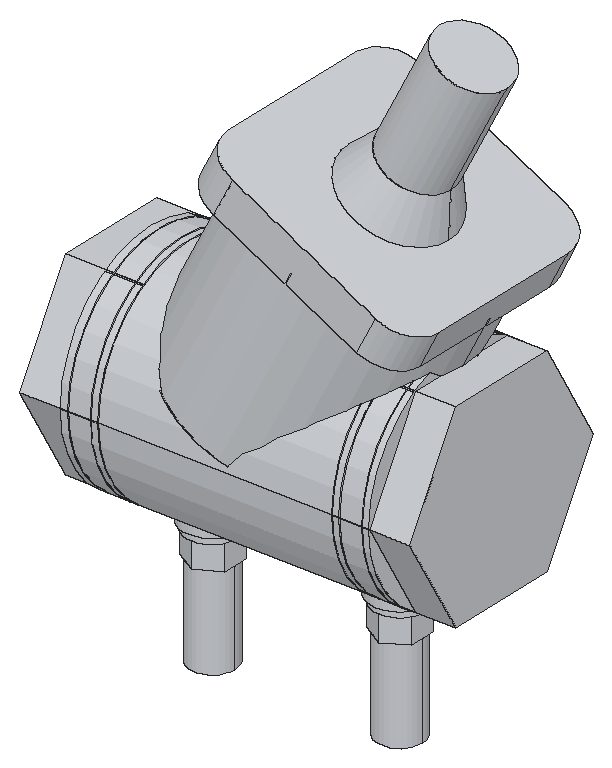
Revit family "Sigma_Compact_DN032_RFA_2018", category Pipe Accessories, Revit 2018
Family settings
  Round Connector Dimension = Use Diameter
  Part Type = Valve - Breaks Into
  Work Plane-Based = No
  Always vertical = Yes
  Cut with Voids When Loaded = No
  Shared = No
Parameters (values of type "Sigma Compact DN 32 s měřením")
  magiProductId = "7bc6b6dac0dd45edbe26d667b48f95"
  magiProductFamilyId = "3fdb776034814e15a56dcfd1ac03e4"
  magiPartTypeId = 304
  isMeasuringValve [instance] = no
  ang2D [instance] = 0.00°
  Z6 = 33 mm
  Z5 = 77 mm
  Z4 = 66 mm
  Z3 = 11 mm
  Z2 = 55 mm
  XR2 = 37.5 mm
  XR1 = 25.5 mm
  W2D = 32 mm
  VersionID = "2.0/2018.12.13.2/FRESE_SIGMA_PLUG_Q13_001"
  Use Minimum Symbol Size [instance] = no
  URL = "www.hydronix.cz"
  Type Comments = "závitový; vnitřní závit; PN25; max dp=400kPa; -10~+120°C; max uzavírací tlak 1MPa"
  R4 = 15 mm
  R3 = 10 mm
  R2 = 30.5 mm
  R1 = 31.5 mm
  QmdConnectorList = "301;D;302;D"
  Productdata [instance] = ""
  NL__ve = -NL  # -20.8 mm
  NL = 20.8 mm
  Manufacturer = "Hydronix"
  MC Use Limits From Balancing Method = no
  MC Throttling Minimum Value = 0
  MC Throttling Maximum Value = 0
  MC Product Code = "53-2206 DN32 FF s měřením; (200-5000 l/h); kvs=10,9"
  MC Pressure Drop Minimum Value = 0.0 Pa
  MC Pressure Drop Maximum Value = 0.0 Pa
  MC Piping Given Pressure Drop [instance] = 0.0 Pa
  M5 = 41.2 mm
  M4 = 39.2 mm
  M3 = 33.2 mm
  M2 = 31.2 mm
  LP = 52 mm
  LM = 62.4 mm
  LL__ve = -LL  # -6.8 mm
  LLT__ve = -LLT  # -22.6 mm
  LLT = 22.6 mm
  LLL = 11 mm
  LL3 = 52 mm
  LL2 = 43 mm
  LL = 6.8 mm
  L3 = 25 mm
  L2D_Min = 30.48 mm
  L2D = 82.4 mm
  Description = "Automatický vyvažovací ventil"
  DR1 = no
  DR0 = yes
  DL2 = 77 mm
  D = 32 mm
  CenSd_R2_6 = R2 * cos(30.00°)  # 26.414 mm
  CAT0 = yes
  C0D1 = no
  C0D0 = yes
Types (3, lengths in mm): name | magiProductId | Z6 | Z5 | Z4 | Z3 | Z2 | NL__ve | NL | MC Product Code | M5 | M4 | M3 | M2 | LP | LM | LL__ve | LLT__ve | LLT | LL3 | LL2 | LL | DL2 | D
  Sigma Compact DN 32 s měřením | "7bc6b6dac0dd45edbe26d667b48f95" | 33 | 77 | 66 | 11 | 55 | -20.8 | 20.8 | "53-2206 DN32 FF s měřením; (200-5000 l/h); kvs=10,9" | 41.2 | 39.2 | 33.2 | 31.2 | 52 | 62.4 | -6.8 | -22.6 | 22.6 | 52 | 43 | 6.8 | 77 | 32
  Sigma Compact DN 40 s měřením | "4e1b5a17d6804847bd559f7e701d18" | 39.3 | 91.7 | 78.6 | 13.1 | 65.5 | -27.6 | 27.6 | "53-2206 DN40 FF s měřením; (719-7400 l/h); kvs=18,0" | 51.4 | 49.4 | 43.4 | 41.4 | 69 | 82.8 | -7 | -24 | 24 | 54 | 45 | 7 | 79 | 40
  Sigma Compact DN 50 s měřením | "620459ae7aa94407adeea4e77bc07b" | 39.3 | 91.7 | 78.6 | 13.1 | 65.5 | -27.6 | 27.6 | "53-2207 DN50 FF s měřením; (900-10350 l/h); kvs=20,3" | 51.4 | 49.4 | 43.4 | 41.4 | 69 | 82.8 | -7.6 | -28.2 | 28.2 | 60 | 51 | 7.6 | 85 | 50
Reference planes
  plane 1 "Center (Front/Back)": y = 0
  plane 2 "XYPLANE": z = 0
  plane 3 "Center (Left/Right)": x = 0
  plane 4 "408": x = 52
  plane 5 "407": x = -52
  plane 6 "404": z = -45.2
  plane 7 "403": z = -52
  plane 8 "402": z = -77
  plane 9 "213": x = -25
  plane 10 "168": z = -18.6
  plane 11 "167": z = -20.6
  plane 12 "166": z = -27.4
  plane 13 "165": z = -34.2
  plane 14 "164": z = -36.2
  plane 15 "154": z = 0
  plane 16 "152": y = 0
  plane 17 "151": z = -43
  plane 18 "150": x = 25
  plane 19 "75": through (307.08, 0, 685.28) normal (0.891, 0, -0.454)
  plane 20 "74": x = 41.2
  plane 21 "73": x = 39.2
  plane 22 "72": x = 33.2
  plane 23 "71": x = 31.2
  plane 24 "70": x = -41.2
  plane 25 "69": x = -39.2
  plane 26 "68": x = -33.2
  plane 27 "67": y = 0
  plane 28 "66": through (-666.893, 0, 343.166) normal (0.454, 0, 0.891)
  plane 29 "65": x = -31.2
  plane 30 "64": through (335.147, 0, 670.979) normal (0.891, 0, -0.454)
  plane 31 "63": through (-643.285, 0, 389.498) normal (0.454, 0, 0.891)
  plane 32 "62": through (363.214, 0, 656.678) normal (0.891, 0, -0.454)
  plane 33 "61": y = 31.5
  plane 34 "60": y = -31.5
  plane 35 "59": through (-638.292, 0, 399.299) normal (0.454, 0, 0.891)
  plane 36 "58": through (-633.298, 0, 409.1) normal (0.454, 0, 0.891)
  plane 37 "56": x = 0
  plane 38 "55": through (-668.255, 0, 340.493) normal (0.454, 0, 0.891)
  plane 39 "102XY": through (-668.255, 0, 340.493) normal (0.454, 0, 0.891)
  plane 40 "102XZ": y = 0
  plane 41 "102YZ": through (340.493, 0, 668.255) normal (0.891, 0, -0.454)
Forms (mm)
  Extrusion 1, solid
    sketch origin (52, -750, 0) x (0, 1, 0) y (0, 0, 1)
      loop
        line (780.5, 0) -> (765.25, 26.414) -> (734.75, 26.414) -> (719.5, 0) -> (734.75, -26.414) -> (765.25, -26.414) -> (780.5, 0)
    from 0 to -20.8 <- "NL__ve"
  Extrusion 2, solid
    sketch origin (-52, -750, 0) x (0, 1, 0) y (0, 0, 1)
      loop
        line (719.5, 0) -> (734.75, -26.414) -> (765.25, -26.414) -> (780.5, 0) -> (765.25, 26.414) -> (734.75, 26.414) -> (719.5, 0)
    from 0 to 20.8 <- "NL"
  Extrusion 3, solid, visible <- "C0D1"
    sketch origin (-750, 0, -77) x (1, 0, 0) y (0, 1, 0)
      loop
        circle (725, 0) r 7
    from 0 to 50
  Extrusion 4, solid, visible <- "DR1"
    sketch origin (-750, 0, -45.2) x (1, 0, 0) y (0, 1, 0)
      loop
        line (725, -8) -> (731.928, -4) -> (731.928, 4) -> (725, 8) -> (718.072, 4) -> (718.072, -4) -> (725, -8)
    from 0 to -6.8 <- "LL__ve"
  Extrusion 5, solid, visible <- "DR1"
    sketch origin (-750, 0, -45.2) x (1, 0, 0) y (0, 1, 0)
      loop
        circle (725, 0) r 8
    from 0 to 11 <- "LLL"
  Extrusion 6, solid, visible <- "DR1"
    sketch origin (-750, 0, -34.2) x (1, 0, 0) y (0, 1, 0)
      loop
        circle (725, 0) r 9
    from 0 to 6.8 <- "LL"
  Extrusion 7, solid, visible <- "DR1"
    sketch origin (-750, 0, -27.4) x (1, 0, 0) y (0, 1, 0)
      loop
        circle (725, 0) r 10
    from 0 to 6.8 <- "LL"
  Blend 8, solid, visible <- "DR1"
    base sketch origin (-750, 0, -18.6) x (1, 0, 0) y (0, 1, 0)
      loop
        circle (725, 0) r 7.5
    top sketch origin (-750, 0, -18.6) x (1, 0, 0) y (0, 1, 0)
      loop
        circle (725, 0) r 10
    from 0 to -2
  Extrusion 9, solid, visible <- "DR1"
    sketch origin (-750, 0, 0) x (1, 0, 0) y (0, 1, 0)
      loop
        circle (725, 0) r 7.5
    from 0 to -22.6 <- "LLT__ve"
  Extrusion 10, solid, visible <- "C0D0"
    sketch origin (-750, 0, -43) x (1, 0, 0) y (0, 1, 0)
      loop
        circle (725, 0) r 6
    from 0 to -25
  Extrusion 11, solid, visible <- "DR0"
    sketch origin (-750, 0, -36.2) x (1, 0, 0) y (0, 1, 0)
      loop
        line (725, -7) -> (731.062, -3.5) -> (731.062, 3.5) -> (725, 7) -> (718.938, 3.5) -> (718.938, -3.5) -> (725, -7)
    from 0 to -6.8 <- "LL__ve"
  Extrusion 12, solid, visible <- "DR0"
    sketch origin (-750, 0, -36.2) x (1, 0, 0) y (0, 1, 0)
      loop
        circle (725, 0) r 7
    from 0 to 2
  Extrusion 13, solid, visible <- "DR0"
    sketch origin (-750, 0, -27.4) x (1, 0, 0) y (0, 1, 0)
      loop
        circle (725, 0) r 9
    from 0 to 6.8 <- "LL"
  Blend 14, solid, visible <- "DR0"
    base sketch origin (-750, 0, -18.6) x (1, 0, 0) y (0, 1, 0)
      loop
        circle (725, 0) r 6.5
    top sketch origin (-750, 0, -18.6) x (1, 0, 0) y (0, 1, 0)
      loop
        circle (725, 0) r 9
    from 0 to -2
  Extrusion 15, solid, visible <- "DR0"
    sketch origin (-750, 0, 0) x (1, 0, 0) y (0, 1, 0)
      loop
        circle (725, 0) r 6.5
    from 0 to -22.6 <- "LLT__ve"
  Extrusion 16, solid, visible <- "DR0"
    sketch origin (-750, 0, 0) x (1, 0, 0) y (0, 1, 0)
      loop
        circle (725, 0) r 6.5
    from 0 to -22.6 <- "LLT__ve"
  Blend 17, solid, visible <- "DR0"
    base sketch origin (-750, 0, -18.6) x (1, 0, 0) y (0, 1, 0)
      loop
        circle (725, 0) r 6.5
    top sketch origin (-750, 0, -18.6) x (1, 0, 0) y (0, 1, 0)
      loop
        circle (725, 0) r 9
    from 0 to -2
  Extrusion 18, solid, visible <- "DR0"
    sketch origin (-750, 0, -27.4) x (1, 0, 0) y (0, 1, 0)
      loop
        circle (725, 0) r 9
    from 0 to 6.8 <- "LL"
  Extrusion 19, solid, visible <- "DR0"
    sketch origin (-750, 0, -34.2) x (1, 0, 0) y (0, 1, 0)
      loop
        circle (725, 0) r 8
    from 0 to 6.8 <- "LL"
  Extrusion 20, solid, visible <- "DR0"
    sketch origin (-750, 0, -36.2) x (1, 0, 0) y (0, 1, 0)
      loop
        circle (725, 0) r 7
    from 0 to 2
  Extrusion 21, solid, visible <- "DR0"
    sketch origin (-750, 0, -36.2) x (1, 0, 0) y (0, 1, 0)
      loop
        line (725, -7) -> (731.062, -3.5) -> (731.062, 3.5) -> (725, 7) -> (718.938, 3.5) -> (718.938, -3.5) -> (725, -7)
    from 0 to -6.8 <- "LL__ve"
  Extrusion 22, solid, visible <- "C0D0"
    sketch origin (-750, 0, -43) x (1, 0, 0) y (0, 1, 0)
      loop
        circle (725, 0) r 6
    from 0 to -25
  Extrusion 23, solid, visible <- "CAT0"
    sketch origin (-750, 0, -43) x (1, 0, 0) y (0, 1, 0)
      loop
        circle (775, 0) r 6
    from 0 to -25
  Extrusion 24, solid
    sketch origin (-750, 0, -36.2) x (1, 0, 0) y (0, 1, 0)
      loop
        line (775, -7) -> (781.062, -3.5) -> (781.062, 3.5) -> (775, 7) -> (768.938, 3.5) -> (768.938, -3.5) -> (775, -7)
    from 0 to -6.8 <- "LL__ve"
  Extrusion 25, solid
    sketch origin (-750, 0, -36.2) x (1, 0, 0) y (0, 1, 0)
      loop
        circle (775, 0) r 7
    from 0 to 2
  Extrusion 26, solid
    sketch origin (-750, 0, -34.2) x (1, 0, 0) y (0, 1, 0)
      loop
        circle (775, 0) r 8
    from 0 to 6.8 <- "LL"
  Extrusion 27, solid
    sketch origin (-750, 0, -27.4) x (1, 0, 0) y (0, 1, 0)
      loop
        circle (775, 0) r 9
    from 0 to 6.8 <- "LL"
  Blend 28, solid
    base sketch origin (-750, 0, -18.6) x (1, 0, 0) y (0, 1, 0)
      loop
        circle (775, 0) r 6.5
    top sketch origin (-750, 0, -18.6) x (1, 0, 0) y (0, 1, 0)
      loop
        circle (775, 0) r 9
    from 0 to -2
  Extrusion 29, solid
    sketch origin (-750, 0, 0) x (1, 0, 0) y (0, 1, 0)
      loop
        circle (775, 0) r 6.5
    from 0 to -22.6 <- "LLT__ve"
  Blend 30, solid, visible <- "CAT0"
    base sketch origin (39.2, -750, 0) x (0, 1, 0) y (0, 0, 1)
      loop
        circle (750, 0) r 30.5
    top sketch origin (39.2, -750, 0) x (0, 1, 0) y (0, 0, 1)
      loop
        circle (750, 0) r 30.5
    from 0 to 2
  Extrusion 31, solid, visible <- "CAT0"
    sketch origin (33.2, -750, 0) x (0, 1, 0) y (0, 0, 1)
      loop
        circle (750, 0) r 30.5
    from 0 to 6
  Blend 32, solid, visible <- "CAT0"
    base sketch origin (31.2, -750, 0) x (0, 1, 0) y (0, 0, 1)
      loop
        circle (750, 0) r 30.5
    top sketch origin (31.2, -750, 0) x (0, 1, 0) y (0, 0, 1)
      loop
        circle (750, 0) r 30.5
    from 0 to 2
  Blend 33, solid, visible <- "CAT0"
    base sketch origin (-39.2, -750, 0) x (0, 1, 0) y (0, 0, 1)
      loop
        circle (750, 0) r 30.5
    top sketch origin (-39.2, -750, 0) x (0, 1, 0) y (0, 0, 1)
      loop
        circle (750, 0) r 30.5
    from 0 to -2
  Extrusion 34, solid, visible <- "CAT0"
    sketch origin (-39.2, -750, 0) x (0, 1, 0) y (0, 0, 1)
      loop
        circle (750, 0) r 30.5
    from 0 to 6
  Blend 35, solid, visible <- "CAT0"
    base sketch origin (-33.2, -750, 0) x (0, 1, 0) y (0, 0, 1)
      loop
        circle (750, 0) r 30.5
    top sketch origin (-33.2, -750, 0) x (0, 1, 0) y (0, 0, 1)
      loop
        circle (750, 0) r 30.5
    from 0 to 2
  Extrusion 36, solid, visible <- "CAT0"
    sketch origin (-31.2, -750, 0) x (0, 1, 0) y (0, 0, 1)
      loop
        circle (750, 0) r 30.5
    from 0 to 62.4 <- "LM"
  Extrusion 37, solid, visible <- "CAT0"
    sketch origin (-666.893, 0, 343.166) x (0.891007, 0, -0.45399) y (0, 1, 0)
      loop
        circle (744, 0) r 31.5
    from 0 to 55 <- "Z2"
  Extrusion 38, solid, visible <- "CAT0"
    sketch origin (-643.285, 0, 389.498) x (0.891007, 0, -0.45399) y (0, 1, 0)
      loop
        arc (722.5, 31.5) -> (715.429, 28.571) -> (712.5, 21.5) r 10
        line (712.5, 21.5) -> (712.5, -21.5)
        arc (712.5, -21.5) -> (715.429, -28.571) -> (722.5, -31.5) r 10
        line (722.5, -31.5) -> (765.5, -31.5)
        arc (765.5, -31.5) -> (772.571, -28.571) -> (775.5, -21.5) r 10
        line (775.5, -21.5) -> (775.5, 21.5)
        arc (775.5, 21.5) -> (772.571, 28.571) -> (765.5, 31.5) r 10
        line (765.5, 31.5) -> (722.5, 31.5)
    from 0 to 11 <- "Z3"
  Blend 39, solid, visible <- "CAT0"
    base sketch origin (-638.292, 0, 399.299) x (0.891007, 0, -0.45399) y (0, 1, 0)
      loop
        circle (744, 0) r 15
    top sketch origin (-638.292, 0, 399.299) x (0.891007, 0, -0.45399) y (0, 1, 0)
      loop
        circle (744, 0) r 10
    from 0 to 11
  Extrusion 40, solid, visible <- "CAT0"
    sketch origin (-633.298, 0, 409.1) x (0.891007, 0, -0.45399) y (0, 1, 0)
      loop
        circle (744, 0) r 10
    from 0 to 33 <- "Z6"
  Blend 41, solid, visible <- "CAT0"
    base sketch origin (-668.255, 0, 340.493) x (0.891007, 0, -0.45399) y (0, 1, 0)
      loop
        circle (744, 0) r 15
    top sketch origin (-668.255, 0, 340.493) x (0.891007, 0, -0.45399) y (0, 1, 0)
      loop
        circle (744, 0) r 31.5
    from 0 to 3
  Extrusion 42, solid, not visible
    sketch origin (-41.2, -750, 0) x (0, 1, 0) y (0, 0, 1)
      loop
        circle (750, 0) r 10
    from 0 to 10
  Extrusion 43, solid, not visible
    sketch origin (41.2, -750, 0) x (0, 1, 0) y (0, 0, 1)
      loop
        circle (750, 0) r 10
    from 0 to -10
Lines and regions (mm)
  reference lines, not visible
    curve 1: circle (2, 2, 0) r 1 normal (0, 0, 1)
  reference lines
    curve 2: line (52, 0, 0) -> (52, -7.625, 13.207)
    curve 3: line (52, 0, 0) -> (52, -15.25, 0)
    curve 4: line (52, 0, 0) -> (52, -7.625, -13.207)
    curve 5: line (-52, 0, 0) -> (-52, 7.625, 13.207)
    curve 6: line (-52, 0, 0) -> (-52, 15.25, 0)
    curve 7: line (-52, 0, 0) -> (-52, 7.625, -13.207)
Dimensions and locks
  plane 1 "Center (Front/Back)" to curve 1 = 2 mm
  "LP": plane 37 "56" to plane 4 "408"
  "LP": plane 37 "56" to plane 5 "407"
  "LL": plane 7 "403" to plane 6 "404"
  "LL3": plane 2 "XYPLANE" to plane 7 "403"
  "DL2": plane 2 "XYPLANE" to plane 8 "402"
  "L3": plane 3 "Center (Left/Right)" to plane 9 "213"
  locked: plane 11 "167" to plane 10 "168" at 2
  "LL": plane 12 "166" to plane 11 "167"
  "LL": plane 13 "165" to plane 12 "166"
  locked: plane 14 "164" to plane 13 "165" at 2
  "LL": plane 17 "151" to plane 14 "164"
  locked: plane 2 "XYPLANE" to plane 15 "154"
  locked: plane 1 "Center (Front/Back)" to plane 16 "152"
  "LL2": plane 2 "XYPLANE" to plane 17 "151"
  "L3": plane 3 "Center (Left/Right)" to plane 18 "150"
  "XR2": plane 41 "102YZ" to plane 19 "75"
  "M5": plane 3 "Center (Left/Right)" to plane 20 "74"
  "M4": plane 3 "Center (Left/Right)" to plane 21 "73"
  "M3": plane 3 "Center (Left/Right)" to plane 22 "72"
  "M2": plane 3 "Center (Left/Right)" to plane 23 "71"
  "M5": plane 3 "Center (Left/Right)" to plane 24 "70"
  "M4": plane 3 "Center (Left/Right)" to plane 25 "69"
  "M3": plane 3 "Center (Left/Right)" to plane 26 "68"
  locked: plane 16 "152" to plane 27 "67"
  locked: plane 39 "102XY" to plane 28 "66" at 3
  "M2": plane 3 "Center (Left/Right)" to plane 29 "65"
  locked: plane 41 "102YZ" to plane 30 "64" at 6
  "Z2": plane 39 "102XY" to plane 31 "63"
  "XR1": plane 41 "102YZ" to plane 32 "62"
  "R1": plane 16 "152" to plane 33 "61"
  "R1": plane 16 "152" to plane 34 "60"
  "Z4": plane 39 "102XY" to plane 35 "59"
  "Z5": plane 39 "102XY" to plane 36 "58"
  locked: plane 3 "Center (Left/Right)" to plane 37 "56"
  locked: plane 39 "102XY" to plane 38 "55"
  "CenSd_R2_6": curve 2 to Extrusion 1 sketch curve  (x2)
  "CenSd_R2_6": curve 3 to Extrusion 1 sketch curve  (x2)
  "CenSd_R2_6": curve 4 to Extrusion 1 sketch curve  (x2)
  Extrusion 1 sketch curve to Extrusion 1 sketch curve = 0 mm  (x12)
  "CenSd_R2_6": curve 5 to Extrusion 2 sketch curve  (x2)
  "CenSd_R2_6": curve 6 to Extrusion 2 sketch curve  (x2)
  "CenSd_R2_6": curve 7 to Extrusion 2 sketch curve  (x2)
  Extrusion 2 sketch curve to Extrusion 2 sketch curve = 0 mm  (x12)
  Extrusion 4 sketch curve to Extrusion 4 sketch curve = 0 mm  (x12)
  Extrusion 11 sketch curve to Extrusion 11 sketch curve = 0 mm  (x12)
  Extrusion 21 sketch curve to Extrusion 21 sketch curve = 0 mm  (x12)
  Extrusion 24 sketch curve to Extrusion 24 sketch curve = 0 mm  (x12)
  Extrusion 38 sketch curve to Extrusion 38 sketch curve = 0 mm  (x16)
  "R2": radius of Blend 30 sketch curve  (x2)
  "R2": radius of Extrusion 31 sketch curve
  "R2": radius of Blend 32 sketch curve  (x2)
  "R2": radius of Blend 33 sketch curve  (x2)
  "R2": radius of Extrusion 34 sketch curve
  "R2": radius of Blend 35 sketch curve  (x2)
  "R2": radius of Extrusion 36 sketch curve
  "R1": radius of Extrusion 37 sketch curve
  radius of Extrusion 38 sketch curve = 10 mm  (x4)
  "R3": radius of Blend 39 sketch curve
  "R4": radius of Blend 39 sketch curve
  "R3": radius of Extrusion 40 sketch curve
  "R1": radius of Blend 41 sketch curve
  locked: curve 3 to curve 2 (angle 60.00°)
  locked: curve 4 to curve 3 (angle 60.00°)
  locked: curve 4 to curve 2 (angle 120.00°)
  locked: curve 6 to curve 5 (angle 60.00°)
  locked: curve 7 to curve 6 (angle 60.00°)
  locked: curve 7 to curve 5 (angle 120.00°)
  aligned and locked: level to plane 2 "XYPLANE"
  aligned and locked: plane 15 "154" to curve 4
  aligned and locked: curve 4 to plane 16 "152"
  aligned and locked: plane 15 "154" to curve 7
  aligned and locked: curve 7 to plane 16 "152"
  aligned and locked: plane 9 "213" to Extrusion 3 sketch curve
  aligned and locked: plane 16 "152" to Extrusion 3 sketch curve
  aligned and locked: plane 9 "213" to Extrusion 5 sketch curve
  aligned and locked: plane 16 "152" to Extrusion 5 sketch curve
  aligned and locked: plane 9 "213" to Extrusion 6 sketch curve
  aligned and locked: plane 16 "152" to Extrusion 6 sketch curve
  aligned and locked: plane 9 "213" to Extrusion 7 sketch curve
  aligned and locked: plane 16 "152" to Extrusion 7 sketch curve
  aligned and locked: plane 9 "213" to Blend 8 sketch curve  (x2)
  aligned and locked: plane 16 "152" to Blend 8 sketch curve  (x2)
  aligned and locked: Blend 8 to plane 11 "167"
  aligned and locked: plane 9 "213" to Extrusion 9 sketch curve
  aligned and locked: plane 16 "152" to Extrusion 9 sketch curve
  aligned and locked: plane 9 "213" to Extrusion 10 sketch curve
  aligned and locked: plane 16 "152" to Extrusion 10 sketch curve
  aligned and locked: plane 9 "213" to Extrusion 12 sketch curve
  aligned and locked: plane 16 "152" to Extrusion 12 sketch curve
  aligned and locked: plane 9 "213" to Extrusion 13 sketch curve
  aligned and locked: plane 16 "152" to Extrusion 13 sketch curve
  aligned and locked: plane 9 "213" to Blend 14 sketch curve  (x2)
  aligned and locked: plane 16 "152" to Blend 14 sketch curve  (x2)
  aligned and locked: Blend 14 to plane 11 "167"
  aligned and locked: plane 9 "213" to Extrusion 15 sketch curve
  aligned and locked: plane 16 "152" to Extrusion 15 sketch curve
  aligned and locked: plane 9 "213" to Extrusion 16 sketch curve
  aligned and locked: plane 16 "152" to Extrusion 16 sketch curve
  aligned and locked: plane 9 "213" to Blend 17 sketch curve  (x2)
  aligned and locked: plane 16 "152" to Blend 17 sketch curve  (x2)
  aligned and locked: Blend 17 to plane 11 "167"
  aligned and locked: plane 9 "213" to Extrusion 18 sketch curve
  aligned and locked: plane 16 "152" to Extrusion 18 sketch curve
  aligned and locked: plane 9 "213" to Extrusion 19 sketch curve
  aligned and locked: plane 16 "152" to Extrusion 19 sketch curve
  aligned and locked: plane 9 "213" to Extrusion 20 sketch curve
  aligned and locked: plane 16 "152" to Extrusion 20 sketch curve
  aligned and locked: plane 9 "213" to Extrusion 22 sketch curve
  aligned and locked: plane 16 "152" to Extrusion 22 sketch curve
  aligned and locked: plane 16 "152" to Extrusion 23 sketch curve
  aligned and locked: plane 18 "150" to Extrusion 23 sketch curve
  aligned and locked: plane 16 "152" to Extrusion 25 sketch curve
  aligned and locked: plane 18 "150" to Extrusion 25 sketch curve
  aligned and locked: plane 16 "152" to Extrusion 26 sketch curve
  aligned and locked: plane 18 "150" to Extrusion 26 sketch curve
  aligned and locked: plane 16 "152" to Extrusion 27 sketch curve
  aligned and locked: plane 18 "150" to Extrusion 27 sketch curve
  aligned and locked: plane 16 "152" to Blend 28 sketch curve  (x2)
  aligned and locked: plane 18 "150" to Blend 28 sketch curve  (x2)
  aligned and locked: Blend 28 to plane 11 "167"
  aligned and locked: plane 16 "152" to Extrusion 29 sketch curve
  aligned and locked: plane 18 "150" to Extrusion 29 sketch curve
  aligned and locked: plane 15 "154" to Blend 30 sketch curve  (x2)
  aligned and locked: Blend 30 sketch curve to plane 16 "152"  (x2)
  aligned and locked: plane 20 "74" to Blend 30
  aligned and locked: plane 15 "154" to Extrusion 31 sketch curve
  aligned and locked: Extrusion 31 sketch curve to plane 16 "152"
  aligned and locked: plane 15 "154" to Blend 32 sketch curve  (x2)
  aligned and locked: Blend 32 sketch curve to plane 16 "152"  (x2)
  aligned and locked: plane 22 "72" to Blend 32
  aligned and locked: plane 15 "154" to Blend 33 sketch curve  (x2)
  aligned and locked: Blend 33 sketch curve to plane 16 "152"  (x2)
  aligned and locked: Blend 33 to plane 24 "70"
  aligned and locked: plane 15 "154" to Extrusion 34 sketch curve
  aligned and locked: Extrusion 34 sketch curve to plane 16 "152"
  aligned and locked: plane 15 "154" to Blend 35 sketch curve  (x2)
  aligned and locked: Blend 35 sketch curve to plane 16 "152"  (x2)
  aligned and locked: plane 29 "65" to Blend 35
  aligned and locked: plane 15 "154" to Extrusion 36 sketch curve
  aligned and locked: Extrusion 36 sketch curve to plane 16 "152"
  aligned and locked: plane 27 "67" to Extrusion 37 sketch curve
  aligned and locked: Extrusion 37 sketch curve to plane 30 "64"
  aligned and locked: Extrusion 38 sketch curve to plane 19 "75"
  aligned and locked: Extrusion 38 sketch curve to plane 34 "60"
  aligned and locked: Extrusion 38 sketch curve to plane 32 "62"
  aligned and locked: plane 33 "61" to Extrusion 38 sketch curve
  aligned and locked: plane 27 "67" to Blend 39 sketch curve  (x2)
  aligned and locked: Blend 39 sketch curve to plane 30 "64"  (x2)
  aligned and locked: plane 36 "58" to Blend 39
  aligned and locked: plane 27 "67" to Extrusion 40 sketch curve
  aligned and locked: Extrusion 40 sketch curve to plane 30 "64"
  aligned and locked: plane 27 "67" to Blend 41 sketch curve  (x2)
  aligned and locked: Blend 41 sketch curve to plane 30 "64"  (x2)
  aligned and locked: plane 28 "66" to Blend 41
  aligned and locked: plane 15 "154" to Extrusion 42 sketch curve
  aligned and locked: Extrusion 42 sketch curve to plane 16 "152"
  aligned and locked: plane 15 "154" to Extrusion 43 sketch curve
  aligned and locked: Extrusion 43 sketch curve to plane 16 "152"
Automatic sketch dimensions
  Extrusion 3 sketch curve to plane 29 "65" = 0.8 mm
  Extrusion 4 sketch curve to plane 9 "213" = 0 mm  (x2)
  Extrusion 4 sketch curve to plane 29 "65" = 0.728 mm
  plane 9 "213" to Extrusion 4 sketch curve = 6.928 mm
  plane 1 "Center (Front/Back)" to Extrusion 4 sketch curve = 8 mm
  plane 1 "Center (Front/Back)" to Extrusion 4 sketch curve = 4 mm  (x2)
  Extrusion 4 sketch curve to plane 1 "Center (Front/Back)" = 4 mm  (x2)
  Extrusion 4 sketch curve to plane 1 "Center (Front/Back)" = 8 mm
  plane 26 "68" to Extrusion 5 sketch curve = 0.2 mm
  Extrusion 6 sketch curve to plane 26 "68" = 0.8 mm
  Extrusion 7 sketch curve to plane 26 "68" = 1.8 mm
  plane 26 "68" to Blend 8 sketch curve = 0.7 mm
  Blend 8 sketch curve to plane 26 "68" = 1.8 mm
  plane 26 "68" to Extrusion 9 sketch curve = 0.7 mm
  plane 29 "65" to Extrusion 10 sketch curve = 0.2 mm
  Extrusion 11 sketch curve to plane 9 "213" = 0 mm  (x2)
  plane 29 "65" to Extrusion 11 sketch curve = 0.138 mm
  plane 9 "213" to Extrusion 11 sketch curve = 6.062 mm
  plane 1 "Center (Front/Back)" to Extrusion 11 sketch curve = 7 mm
  plane 1 "Center (Front/Back)" to Extrusion 11 sketch curve = 3.5 mm  (x2)
  Extrusion 11 sketch curve to plane 1 "Center (Front/Back)" = 3.5 mm  (x2)
  Extrusion 11 sketch curve to Extrusion 11 sketch curve = 3.5 mm
  Extrusion 12 sketch curve to plane 29 "65" = 0.8 mm
  Extrusion 13 sketch curve to plane 26 "68" = 0.8 mm
  Blend 14 sketch curve to plane 29 "65" = 0.3 mm
  Blend 14 sketch curve to plane 26 "68" = 0.8 mm
  Extrusion 15 sketch curve to plane 29 "65" = 0.3 mm
  Extrusion 16 sketch curve to plane 29 "65" = 0.3 mm
  Blend 17 sketch curve to plane 29 "65" = 0.3 mm
  Blend 17 sketch curve to plane 26 "68" = 0.8 mm
  Extrusion 18 sketch curve to plane 26 "68" = 0.8 mm
  plane 26 "68" to Extrusion 19 sketch curve = 0.2 mm
  Extrusion 20 sketch curve to plane 29 "65" = 0.8 mm
  Extrusion 21 sketch curve to plane 9 "213" = 0 mm  (x2)
  plane 29 "65" to Extrusion 21 sketch curve = 0.138 mm
  plane 9 "213" to Extrusion 21 sketch curve = 6.062 mm
  plane 1 "Center (Front/Back)" to Extrusion 21 sketch curve = 7 mm
  plane 1 "Center (Front/Back)" to Extrusion 21 sketch curve = 3.5 mm  (x2)
  Extrusion 21 sketch curve to plane 1 "Center (Front/Back)" = 3.5 mm  (x2)
  Extrusion 21 sketch curve to Extrusion 21 sketch curve = 3.5 mm
  plane 29 "65" to Extrusion 22 sketch curve = 0.2 mm
  Extrusion 23 sketch curve to plane 18 "150" = 6 mm
  Extrusion 24 sketch curve to plane 18 "150" = 0 mm  (x2)
  Extrusion 24 sketch curve to plane 18 "150" = 6.062 mm
  Extrusion 24 sketch curve to plane 23 "71" = 0.138 mm
  plane 1 "Center (Front/Back)" to Extrusion 24 sketch curve = 7 mm
  plane 1 "Center (Front/Back)" to Extrusion 24 sketch curve = 3.5 mm  (x2)
  Extrusion 24 sketch curve to plane 1 "Center (Front/Back)" = 3.5 mm  (x2)
  Extrusion 24 sketch curve to Extrusion 24 sketch curve = 3.5 mm
  Extrusion 25 sketch curve to plane 18 "150" = 7 mm
  Extrusion 26 sketch curve to plane 18 "150" = 8 mm
  Extrusion 27 sketch curve to Extrusion 27 sketch curve = 9 mm
  Blend 28 sketch curve to plane 18 "150" = 6.5 mm
  Blend 28 sketch curve to Blend 28 sketch curve = 9 mm
  Extrusion 29 sketch curve to plane 18 "150" = 6.5 mm
  Blend 41 sketch curve to Blend 41 sketch curve = 15 mm
  plane 1 "Center (Front/Back)" to Extrusion 42 sketch curve = 10 mm
  plane 1 "Center (Front/Back)" to Extrusion 43 sketch curve = 10 mm
  plane 3 "Center (Left/Right)" to curve 1 = 2 mm
  radius of curve 1 = 1 mm
Connectors
  piping at (-41.2, 0, 0), diameter 32, driven by "D"
    settings: on Extrusion 42, index 1, connector inside diameter 609.6 mm, connector length 0 mm, flow factor 0, pipe flow 0.0 L/s, pressure drop 0.0 Pa, fitting loss kfactor 0, connector angle 0.00°, fixture units 0, engagement length 0 mm, angle of deflection 0.00°, flow configuration 0, flow direction 0, fitting loss method 0, system type 29, joint type 0, gender type 0, connector reference index 2, connector utility 0, adjustable connector no, is connector primary yes, connector description ""
  piping at (41.2, 0, 0), diameter 32, driven by "D"
    settings: on Extrusion 43, index 2, connector inside diameter 609.6 mm, connector length 0 mm, flow factor 0, pipe flow 0.0 L/s, pressure drop 0.0 Pa, fitting loss kfactor 0, connector angle 0.00°, fixture units 0, engagement length 0 mm, angle of deflection 0.00°, flow configuration 0, flow direction 0, fitting loss method 0, system type 29, joint type 0, gender type 0, connector reference index 1, connector utility 0, adjustable connector no, is connector primary no, connector description ""
